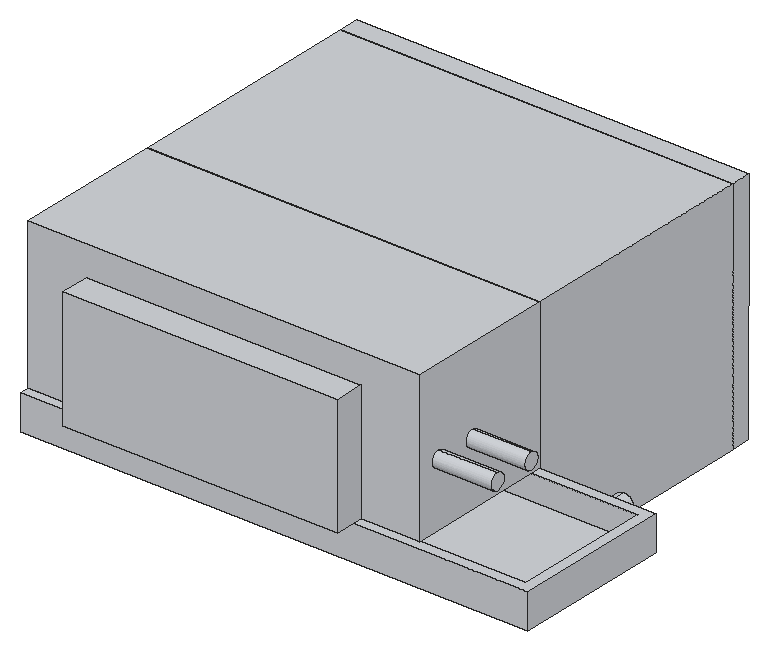
Revit family "M_Unidade de serpentina do ventilador com plenum - Básico horizontal escondido", category Equipamento mecânico, Revit 2019
Family settings
  Cota do conector redondo = Usar raio
  Tipo de parte = Normal
  Número OmniClass = 23.75.70.17.27
  Título OmniClass = Fan Coil Units
  ID de item do Seek = Fan Coil Unit with Plenum - Horizontal Basic Concealed-0000-CAN-ENU
  Com base no plano de trabalho = Não
  Sempre na vertical = Sim
  Corte com vazios quando carregada = Não
  Compartilhado = Não
  Ponto de cálculo do ambiente = Não
Parameters (values of type "94 LPS")
  Voltagem = 115 V
  Largura da unidade = 500 mm
  LarguradoDutodeFornecimento = 350 mm
  LarguradoDutodeRetorno = Largura da unidade - 51 mm  # 449 mm
  Número de pólos = 1
  Modelo = "02"
  Manufacturer = ""
  Classificação de carga = Refrigeração
  Raio da drenagem = 12.5 mm
  Fluxo da drenagem [instance] = 0.0 L/s
  Diâmetro da drenagem = Raio da drenagem * 2  # 25 mm
  Largura do pan de condensação = 648 mm
  Raio da água resfriada = 10 mm
  Queda de pressão da água resfriada [instance] = 13100.0 Pa
  Fluxo da água resfriada [instance] = 0.06 L/s
  Diâmetro da água resfriada = Raio da água resfriada * 2  # 20 mm
  C3 Deslocamento 1 = 108 mm
  C2 Deslocamento 1 = 108 mm
  Assembly Code = ""
  Carga aparente = 50 VA
  Pressão estática externa [instance] = 12.0 Pa
  Fluxo de ar [instance] = 94.0 L/s
Types (7, lengths in mm): name | Largura da unidade | LarguradoDutodeFornecimento | LarguradoDutodeRetorno | Modelo | Largura do pan de condensação | Queda de pressão da água resfriada | Fluxo da água resfriada | C3 Deslocamento 1 | C2 Deslocamento 1 | Carga aparente | Fluxo de ar
  94 LPS | 500 | 350 | 449 | "02" | 648 | 13100.0 Pa | 0.06 L/s | 108 | 108 | 50 VA | 94.0 L/s
  142 LPS | 590 | 430 | 539 | "03" | 724 | 29647.0 Pa | 0.13 L/s | 108 | 108 | 85 VA | 142.0 L/s
  189 LPS | 693 | 534 | 642 | "04" | 826 | 51711.0 Pa | 0.19 L/s | 108 | 108 | 145 VA | 189.0 L/s
  283 LPS | 972 | 813 | 921 | "06" | 1105 | 27579.0 Pa | 0.25 L/s | 124 | 92 | 220 VA | 283.0 L/s
  378 LPS | 1175 | 1016 | 1124 | "08" | 1310 | 45505.0 Pa | 0.32 L/s | 124 | 92 | 235 VA | 378.0 L/s
  472 LPS | 1430 | 1270 | 1379 | "10" | 1563 | 27579.0 Pa | 0.38 L/s | 92 | 124 | 300 VA | 472.0 L/s
  566 LPS | 1683 | 1524 | 1632 | "12" | 1817 | 41369.0 Pa | 0.5 L/s | 92 | 124 | 425 VA | 566.0 L/s
Reference planes
  plane 1 "Centro (Frente/Trás)": y = 0
  plane 2: z = 0
  plane 3 "Centro (Esquerda/Direita)": x = 0
  plane 4 "Posterior de unidade": y = 268.288
  plane 5 "Frente da unidade": y = -268.287
  plane 6 "Posterior da caixa de serpentina": y = -39.687
  plane 7 "Topo da unidade": z = 304.8
  plane 8 "Linha do centro": z = 152.4
  plane 9 "Parte superior da admissão": z = 279.4
  plane 10 "Parte inferior da admissão": z = 25.4
  plane 11 "Parte inferior do pan condensado": z = 69.85
  plane 12 "Parte inferior da caixa de serpentina": z = 114.3
  plane 13 "Superior do fornecimento": z = 266.7
  plane 14 "Frente do pan condensado": y = -242.887
  plane 15 "Frente da caixa de serpentina": y = -230.188
  plane 16 "Posterior do filtro": y = 293.688
  plane 17 "Parte de trás do conector de admissão": y = 319.088
  plane 18 "Lado esquerdo da unidade": x = -250
  plane 19 "Lado direito da unidade": x = 250
  plane 20 "Lado direito do pan condensado": x = 398
  plane 21 "Inferior vazio condensado": z = 82.55
  plane 22: x = -175
  plane 23: x = 175
  plane 24 "Lado esquerdo da admissão": x = -234.125
  plane 25 "Lado direito da admissão": x = 214.875
  plane 26 "Lado esquerdo do fornecimento": x = -175
  plane 27 "Lado direito do fornecimento": x = 175
  plane 28: x = 326.2
  plane 29: x = -275.4
  plane 30: y = 217.488
  plane 31: y = 115.888
  plane 32: z = 165.1
  plane 33: y = -201.612
  plane 34: y = -147.637
  plane 35: z = 196.8
  plane 36: z = 196.8
Forms (mm)
  Extrusion 1, solid
    sketch origin (0, 0, 69.85) x (0, -1, 0) y (1, 0, 0)
      loop
        line (242.887, -250) -> (242.887, 398) -> (39.687, 398) -> (39.687, -250) -> (242.887, -250)
    from 0 to 44.45
  Extrusion 2, void
    sketch origin (0, 0, 69.85) x (0, -1, 0) y (1, 0, 0)
      loop
        line (230.188, -237.3) -> (230.188, 385.3) -> (52.388, 385.3) -> (52.388, -237.3) -> (230.188, -237.3)
    from 12.7 to 44.45
  Extrusion 3, solid
    sketch origin (0, 0, 114.3) x (0, -1, 0) y (1, 0, 0)
      loop
        line (230.188, -250) -> (230.188, 250) -> (39.687, 250) -> (39.687, -250) -> (230.188, -250)
    from 0 to 190.5
  Extrusion 4, solid
    sketch origin (0, 0, 114.3) x (0, -1, 0) y (1, 0, 0)
      loop
        line (39.687, -250) -> (39.687, 250) -> (-268.288, 250) -> (-268.288, -250) -> (39.687, -250)
    from -114.3 to 190.5
  Extrusion 5, solid
    sketch origin (0, 0, 114.3) x (0, -1, 0) y (1, 0, 0)
      loop
        line (-268.288, -250) -> (-268.288, 250) -> (-293.688, 250) -> (-293.688, -250) -> (-268.288, -250)
    from -114.3 to 190.5
  Extrusion 6, solid
    sketch origin (0, 0, 114.3) x (0, -1, 0) y (1, 0, 0)
      loop
        line (-293.688, -234.125) -> (-293.688, 214.875) -> (-319.088, 214.875) -> (-319.088, -234.125) -> (-293.688, -234.125)
    from -88.9 to 165.1
  Extrusion 7, solid
    sketch origin (0, 0, 114.3) x (0, -1, 0) y (1, 0, 0)
      loop
        line (268.287, -175) -> (268.287, 175) -> (230.187, 175) -> (230.187, -175) -> (268.287, -175)
    from 0 to 152.4
  Extrusion 8, solid
    sketch origin (-250, 268.288, 304.8) x (0, 0, -1) y (0, -1, 0)
      loop
        line (38.1, 50.8) -> (139.7, 50.8) -> (139.7, 152.4) -> (38.1, 152.4) -> (38.1, 50.8)
    from 0 to 25.4
  Extrusion 9, solid
    sketch origin (250, -230.188, 304.8) x (0, 0, -1) y (0, 1, 0)
      loop
        circle (108, 28.575) r 10
    from 0 to 76.2
  Extrusion 10, solid
    sketch origin (250, -230.188, 304.8) x (0, 0, -1) y (0, 1, 0)
      loop
        circle (108, 82.55) r 10
    from 0 to 76.2
  Extrusion 11, solid
    sketch origin (398, -39.687, 114.3) x (0, 0, -1) y (-1, 0, 0)
      loop
        circle (31.75, 71.8) r 12.5
    from 0 to 39.687
Cuts and joins
  Extrusion 2 cuts Extrusion 1
Dimensions and locks
  equal spacing: plane 5 "Frente da unidade", plane 1 "Centro (Frente/Trás)", plane 4 "Posterior de unidade"
  locked: plane 5 "Frente da unidade" to plane 4 "Posterior de unidade" at 536.575
  equal spacing: plane 7 "Topo da unidade", plane 8 "Linha do centro", level
  plane 9 "Parte superior da admissão" to plane 8 "Linha do centro" to plane 10 "Parte inferior da admissão" = 127 mm, 127 mm
  locked: plane 9 "Parte superior da admissão" to plane 10 "Parte inferior da admissão" at 254
  locked: plane 7 "Topo da unidade" to plane 11 "Parte inferior do pan condensado" at 234.95
  plane 12 "Parte inferior da caixa de serpentina" to plane 11 "Parte inferior do pan condensado" = 44.45 mm
  plane 13 "Superior do fornecimento" to plane 12 "Parte inferior da caixa de serpentina" = 152.4 mm
  plane 6 "Posterior da caixa de serpentina" to plane 5 "Frente da unidade" = 228.6 mm
  plane 5 "Frente da unidade" to plane 14 "Frente do pan condensado" = 25.4 mm
  plane 14 "Frente do pan condensado" to plane 15 "Frente da caixa de serpentina" = 12.7 mm
  plane 4 "Posterior de unidade" to plane 16 "Posterior do filtro" = 25.4 mm
  plane 16 "Posterior do filtro" to plane 17 "Parte de trás do conector de admissão" = 25.4 mm
  equal spacing: plane 18 "Lado esquerdo da unidade", plane 3 "Centro (Esquerda/Direita)", plane 19 "Lado direito da unidade"
  "Largura da unidade": plane 18 "Lado esquerdo da unidade" to plane 19 "Lado direito da unidade"
  "Largura do pan de condensação": plane 18 "Lado esquerdo da unidade" to plane 20 "Lado direito do pan condensado"
  plane 18 "Lado esquerdo da unidade" to Extrusion 2 sketch curve = 12.7 mm
  plane 6 "Posterior da caixa de serpentina" to Extrusion 2 sketch curve = 12.7 mm
  Extrusion 2 sketch curve to plane 20 "Lado direito do pan condensado" = 12.7 mm
  plane 14 "Frente do pan condensado" to Extrusion 2 sketch curve = 12.7 mm
  plane 21 "Inferior vazio condensado" to plane 11 "Parte inferior do pan condensado" = 12.7 mm
  equal spacing: plane 22, plane 3 "Centro (Esquerda/Direita)", plane 23
  "LarguradoDutodeFornecimento": plane 22 to plane 23
  plane 18 "Lado esquerdo da unidade" to plane 24 "Lado esquerdo da admissão" = 15.875 mm
  plane 25 "Lado direito da admissão" to plane 19 "Lado direito da unidade" = 35.125 mm
  locked: plane 7 "Topo da unidade" to plane 9 "Parte superior da admissão" at 25.4
  equal spacing: plane 26 "Lado esquerdo do fornecimento", plane 3 "Centro (Esquerda/Direita)", plane 27 "Lado direito do fornecimento"
  "LarguradoDutodeFornecimento": plane 26 "Lado esquerdo do fornecimento" to plane 27 "Lado direito do fornecimento"
  plane 10 "Parte inferior da admissão" to plane 9 "Parte superior da admissão" = 254 mm
  "LarguradoDutodeRetorno": plane 24 "Lado esquerdo da admissão" to plane 25 "Lado direito da admissão"
  locked: plane 19 "Lado direito da unidade" to plane 28 at 76.2
  locked: plane 29 to plane 18 "Lado esquerdo da unidade" at 25.4
  plane 4 "Posterior de unidade" to plane 30 to plane 31 = 50.8 mm locked, 101.6 mm locked
  locked: plane 32 to plane 13 "Superior do fornecimento" at 101.6
  locked: plane 5 "Frente da unidade" to plane 33 at 66.675
  locked: plane 5 "Frente da unidade" to plane 34 at 120.65
  "C3 Deslocamento 1": plane 35 to plane 7 "Topo da unidade"
  "C2 Deslocamento 1": plane 36 to plane 7 "Topo da unidade"
  "Raio da água resfriada": radius of Extrusion 9 sketch curve
  "Raio da água resfriada": radius of Extrusion 10 sketch curve
  "Raio da drenagem": radius of Extrusion 11 sketch curve
  aligned and locked: plane 18 "Lado esquerdo da unidade" to Extrusion 1 sketch curve
  aligned and locked: Extrusion 1 sketch curve to plane 14 "Frente do pan condensado"
  aligned and locked: plane 6 "Posterior da caixa de serpentina" to Extrusion 1 sketch curve
  aligned and locked: plane 20 "Lado direito do pan condensado" to Extrusion 1 sketch curve
  aligned and locked: Extrusion 1 to plane 12 "Parte inferior da caixa de serpentina"
  aligned and locked: Extrusion 2 to plane 12 "Parte inferior da caixa de serpentina"
  aligned and locked: plane 18 "Lado esquerdo da unidade" to Extrusion 3 sketch curve
  aligned and locked: Extrusion 3 sketch curve to plane 15 "Frente da caixa de serpentina"
  aligned and locked: plane 6 "Posterior da caixa de serpentina" to Extrusion 3 sketch curve
  aligned and locked: plane 19 "Lado direito da unidade" to Extrusion 3 sketch curve
  aligned and locked: Extrusion 4 sketch curve to cut or joined group of Extrusion 1, Extrusion 2  (x2)
  aligned and locked: plane 4 "Posterior de unidade" to Extrusion 4 sketch curve
  aligned and locked: plane 19 "Lado direito da unidade" to Extrusion 4 sketch curve
  aligned and locked: Extrusion 5 sketch curve to Extrusion 4  (x2)
  aligned and locked: plane 16 "Posterior do filtro" to Extrusion 5 sketch curve
  aligned and locked: plane 19 "Lado direito da unidade" to Extrusion 5 sketch curve
  aligned and locked: Extrusion 5 to Extrusion 6 sketch curve
  aligned and locked: plane 17 "Parte de trás do conector de admissão" to Extrusion 6 sketch curve
  aligned and locked: Extrusion 6 to plane 9 "Parte superior da admissão"
  aligned and locked: plane 24 "Lado esquerdo da admissão" to Extrusion 6 sketch curve
  aligned and locked: Extrusion 6 sketch curve to plane 25 "Lado direito da admissão"
  aligned and locked: Extrusion 7 sketch curve to plane 5 "Frente da unidade"
  aligned and locked: Extrusion 7 to plane 13 "Superior do fornecimento"
  aligned and locked: plane 22 to Extrusion 7 sketch curve
  aligned and locked: Extrusion 7 sketch curve to plane 23
  aligned and locked: plane 30 to Extrusion 8 sketch curve
  aligned and locked: plane 13 "Superior do fornecimento" to Extrusion 8 sketch curve
  aligned and locked: plane 32 to Extrusion 8 sketch curve
  aligned and locked: Extrusion 8 sketch curve to plane 31
  aligned and locked: Extrusion 8 to plane 18 "Lado esquerdo da unidade"
  aligned and locked: plane 29 to Extrusion 8
  aligned and locked: plane 36 to Extrusion 9 sketch curve
  aligned and locked: plane 33 to Extrusion 9 sketch curve
  aligned and locked: plane 35 to Extrusion 10 sketch curve
  aligned and locked: plane 34 to Extrusion 10 sketch curve
  aligned and locked: plane 28 to Extrusion 11 sketch curve
  aligned and locked: plane 21 "Inferior vazio condensado" to Extrusion 11 sketch curve
  aligned and locked: Extrusion 11 to plane 6 "Posterior da caixa de serpentina"
  aligned and locked: Extrusion 11 to plane 1 "Centro (Frente/Trás)"
  aligned and locked: plane 19 "Lado direito da unidade" to Extrusion 10
  aligned and locked: plane 19 "Lado direito da unidade" to Extrusion 9
  aligned and locked: Extrusion 9 to plane 28
  aligned and locked: Extrusion 10 to plane 28
Automatic sketch dimensions
  Extrusion 6 sketch curve to plane 17 "Parte de trás do conector de admissão" = 0 mm
  Extrusion 7 sketch curve to plane 15 "Frente da caixa de serpentina" = 0 mm
Connectors
  hvac at (0, -268.287, 190.5), driven by "LarguradoDutodeFornecimento", driven by "LarguradoDutodeFornecimento", driven by "Fluxo de ar"
    settings: on Extrusion 7, index 0, duct flow 94.0 L/s, flow factor 0, pres drop 0.0 Pa, loss coef 0, conn angle 0.00°, conn width 350 mm, conn height 152.4 mm, conn diameter 609.6 mm, duct sys type 1, conn prof type 1, flow config 0, flow direction 2, loss method 0, conn ref index 1, conn util no, is conn primary yes, conn desc ""
  hvac at (-9.625, 319.088, 152.4), driven by "LarguradoDutodeRetorno", driven by "Fluxo de ar"
    settings: on Extrusion 6, index 1, duct flow 94.0 L/s, flow factor 0, pres drop 0.0 Pa, loss coef 0, conn angle 0.00°, conn width 449 mm, conn height 254 mm, conn diameter 609.6 mm, duct sys type 2, conn prof type 1, flow config 0, flow direction 1, loss method 0, conn ref index 0, conn util no, is conn primary no, conn desc ""
  piping at (326.2, -147.637, 196.8), diameter 20, driven by "Queda de pressão da água resfriada", driven by "Fluxo da água resfriada", driven by "Raio da água resfriada"
    settings: on Extrusion 10, index 2, connector inside diameter 20 mm, connector length 0 mm, flow factor 0, pipe flow 0.06 L/s, pressure drop 13100.0 Pa, fitting loss kfactor 0, connector angle 0.00°, fixture units 0, engagement length 0 mm, angle of deflection 0.00°, flow configuration 1, flow direction 2, fitting loss method 4, system type 8, joint type 0, gender type 0, connector reference index 3, connector utility 0, adjustable connector no, is connector primary yes, connector description ""
  piping at (326.2, -201.612, 196.8), diameter 20, driven by "Fluxo da água resfriada", driven by "Raio da água resfriada"
    settings: on Extrusion 9, index 3, connector inside diameter 20 mm, connector length 0 mm, flow factor 0, pipe flow 0.06 L/s, pressure drop 0.0 Pa, fitting loss kfactor 0, connector angle 0.00°, fixture units 0, engagement length 0 mm, angle of deflection 0.00°, flow configuration 1, flow direction 1, fitting loss method 4, system type 7, joint type 0, gender type 0, connector reference index 2, connector utility 0, adjustable connector no, is connector primary no, connector description ""
  piping at (326.2, 0, 82.55), diameter 25, driven by "Fluxo da drenagem", driven by "Raio da drenagem"
    settings: on Extrusion 11, index 4, connector inside diameter 25 mm, connector length 0 mm, flow factor 0, pipe flow 0.0 L/s, pressure drop 0.0 Pa, fitting loss kfactor 0, connector angle 0.00°, fixture units 0, engagement length 0 mm, angle of deflection 0.00°, flow configuration 1, flow direction 2, fitting loss method 0, system type 16, joint type 0, gender type 0, connector reference index -1, connector utility 0, adjustable connector yes, is connector primary no, connector description ""
  electrical at (-275.4, 166.688, 215.9), driven by "Carga aparente", driven by "Voltagem", driven by "Número de pólos", driven by "Classificação de carga"
    settings: on Extrusion 8, index 5, voltage 115 V, apparent load 50 VA, apparent load phase1 0 VA, apparent load phase2 0 VA, apparent load phase3 0 VA, power factor 0.8, load classification "Refrigeração", number of poles 1, system type 30, power factor state 1, is connector primary yes, connector utility no, sub classification motor no, connector description ""
